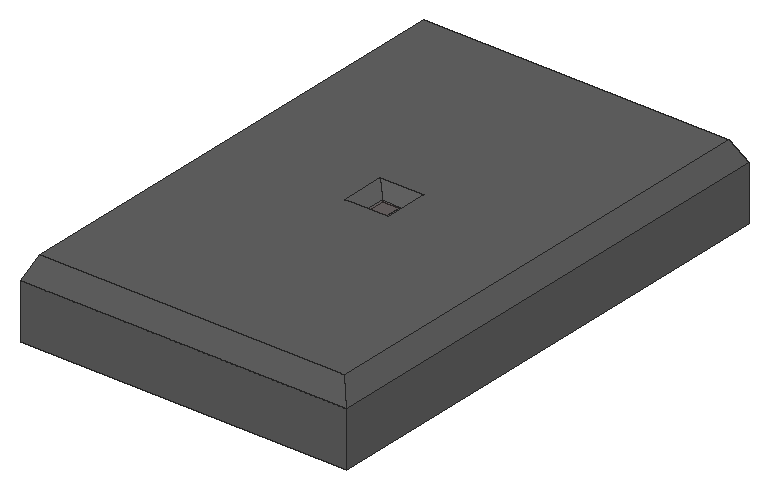
Revit family "Smartcard Reader_Delta5_Farpointe_R16", category Security Devices, host Face, Revit 2016
Family settings
  Host = Face
  Maintain Annotation Orientation = No
  Part Type = Normal
  Round Connector Dimension = Use Diameter
  Cut with Voids When Loaded = No
  Shared = No
  Room Calculation Point = No
Parameters
  Width = 3"
  URL - Quick Start Guides [instance] = "http://farpointedata.com/downloads/qsg_and_ref/SmartcardReaders_QSG.pdf"
  URL - Mounting Guides Letter Size [instance] = "http://farpointedata.com/downloads/mounting_guides/MountingGuide_Delta5_Ltr.pdf"
  URL - Mounting Guides A4 Size [instance] = "http://farpointedata.com/downloads/mounting_guides/MountingGuide_Delta5_A4.pdf"
  URL - Data Sheets [instance] = "http://farpointedata.com/downloads/datasheets/Delta5_TDS.pdf"
  URL - Bid Specifications [instance] = "http://farpointedata.com/downloads/bid_specs/Farpointe_Delta_Specification.docx"
  URL = "http://www.farpointedata.com/"
  Modeled By [instance] = "www.commensestudio.com"
  Model = "Delta5 Contactless Smartcard Reader"  # constant formula
  Manufacturer = "Farpointe Data"  # constant formula
  LED [instance] = LED
  Height = 4.6"
  Description = "Single-Gang Wall Switch Box"  # constant formula
  Depth = 0.4"
  Default Elevation = 48"
  Cover [instance] = Cover
Reference planes (in)
  plane 1 "Center (Front/Back)": y = 0
  plane 2: z = 0
  plane 3 "Center (Left/Right)": x = 0
  plane 4: x = -1.5
  plane 5: x = 1.5
  plane 6: y = 2.3
  plane 7: y = -2.3
  plane 8: z = 0.4
Forms (in)
  Extrusion 1, solid, material "Cover" <- "Cover"
    sketch origin (0, 0, 0) x (1, 0, 0) y (0, 1, 0)
      loop
        line (-1.5, -2.3) -> (1.5, -2.3) -> (1.5, 2.3) -> (-1.5, 2.3) -> (-1.5, -2.3)
    from 0 to 0.5
  Blend 2, solid, material "Cover" <- "Cover"
    base sketch origin (0, 0, 0) x (1, 0, 0) y (0, 1, 0)
      loop
        line (-1.5, 2.3) -> (-1.5, -2.3) -> (1.5, -2.3) -> (1.5, 2.3) -> (-1.5, 2.3)
    top sketch origin (0, 0, 0) x (1, 0, 0) y (0, 1, 0)
      loop
        line (-1.4, 2.2) -> (-1.4, -2.2) -> (1.4, -2.2) -> (1.4, 2.2) -> (-1.4, 2.2)
    from 0.5 to 0.7
  Extrusion 3, solid, material "LED" <- "LED"
    sketch origin (0, 0, 0) x (1, 0, 0) y (0, 1, 0)
      loop
        line (0.085, -0.085) -> (0.085, 0.085) -> (-0.085, 0.085) -> (-0.085, -0.085) -> (0.085, -0.085)
    from 0.5 to 0.61
  Blend 4, void
    base sketch origin (0, 0, 0) x (1, 0, 0) y (0, 1, 0)
      loop
        line (-0.085, 0.085) -> (-0.085, -0.085) -> (0.085, -0.085) -> (0.085, 0.085) -> (-0.085, 0.085)
    top sketch origin (0, 0, 0) x (1, 0, 0) y (0, 1, 0)
      loop
        line (-0.19907, 0.19907) -> (-0.19907, -0.19907) -> (0.19907, -0.19907) -> (0.19907, 0.19907) -> (-0.19907, 0.19907)
    from 0.6 to 0.7
Cuts and joins
  Blend 4 cuts Blend 2
Dimensions and locks (in)
  equal spacing: plane 7, plane 1 "Center (Front/Back)", plane 6
  equal spacing: plane 4, plane 3 "Center (Left/Right)", plane 5
  "Height": plane 7 to plane 6
  "Width": plane 4 to plane 5
  "Depth": plane 8 to level
  aligned and locked: plane 2 to host face
  aligned and locked: level to host face
Automatic sketch dimensions
  host sketch curve to host sketch curve = 96"  (x2)
  plane 4 to Extrusion 1 sketch curve = 0"
  Extrusion 1 sketch curve to plane 5 = 0"
  Extrusion 1 sketch curve to plane 7 = 0"
  plane 6 to Extrusion 1 sketch curve = 0"
  plane 4 to Blend 2 sketch curve = 0"
  Blend 2 sketch curve to plane 5 = 0"
  Blend 2 sketch curve to plane 7 = 0"
  plane 6 to Blend 2 sketch curve = 0"
  Blend 2 sketch curve to plane 3 "Center (Left/Right)" = 1.4"
  plane 3 "Center (Left/Right)" to Blend 2 sketch curve = 1.4"
  Blend 2 sketch curve to plane 7 = 0.1"
  plane 6 to Blend 2 sketch curve = 0.1"
  Extrusion 3 sketch curve to plane 3 "Center (Left/Right)" = 0.085"
  plane 3 "Center (Left/Right)" to Extrusion 3 sketch curve = 0.085"
  plane 1 "Center (Front/Back)" to Extrusion 3 sketch curve = 0.085"
  Extrusion 3 sketch curve to plane 1 "Center (Front/Back)" = 0.085"
  Blend 4 sketch curve to plane 3 "Center (Left/Right)" = 0.085"
  plane 3 "Center (Left/Right)" to Blend 4 sketch curve = 0.085"
  plane 1 "Center (Front/Back)" to Blend 4 sketch curve = 0.085"
  Blend 4 sketch curve to plane 1 "Center (Front/Back)" = 0.085"
  Blend 4 sketch curve to plane 3 "Center (Left/Right)" = 0.19907"
  plane 3 "Center (Left/Right)" to Blend 4 sketch curve = 0.19907"
  plane 1 "Center (Front/Back)" to Blend 4 sketch curve = 0.19907"
  Blend 4 sketch curve to plane 1 "Center (Front/Back)" = 0.19907"
Connectors (in)
  electrical at (0, 0, 0)
    settings: index 3, voltage 0 V, apparent load 0 VA, apparent load phase1 0 VA, apparent load phase2 0 VA, apparent load phase3 0 VA, power factor 1, load classification "Other", number of poles 1, system type 10, power factor state 1, is connector primary yes, connector utility no, sub classification motor no, connector description ""
